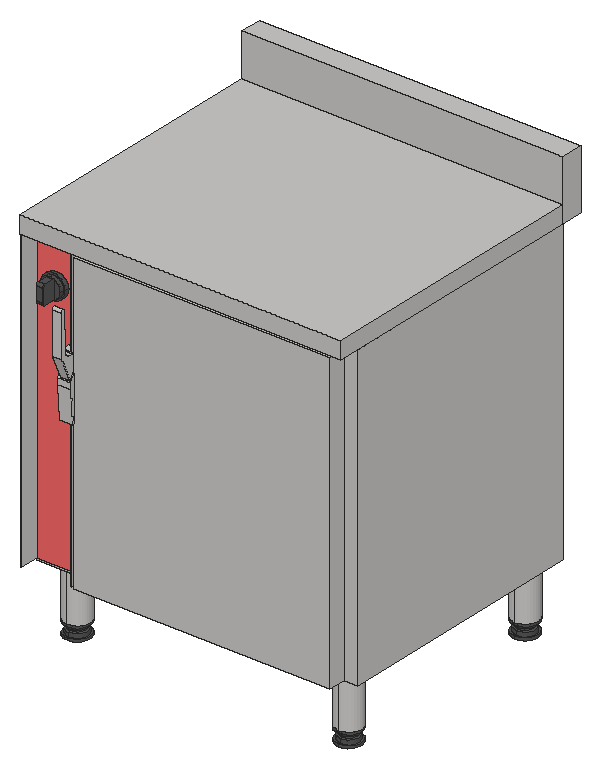
Revit family "ADB Warming cabinet CES 708 CT", category Equipement spécialisé, Revit 2022
Family settings
  Cote de connecteur circulaire = Utiliser le diamètre
  Type d'élément = Normal
  Basée sur le plan de construction = Non
  Toujours verticalement = Oui
  Couper avec des vides une fois chargée = Non
  Conserver l'orientation des annotations = Non
  Partagée = Non
  Repère de localisation dans la pièce = Non
Parameters (values of type "CES 708 CT")
  URL Cutsheet = ""
  URL = ""
  Electric Connection Type = "Bornier 40A"  # constant formula
  Item Number = ""
  Volts = 230 V  # constant formula
  Specification by Manufacturer = ""
  Electrical Remarks = "230V(MONO) commutable 400V(TRI)"  # constant formula
  Electric power = 3500 W
  Depth = 733 mm
  Door hinges inversion option [instance] = no
  Weight = 80.00 kg
  Phase = 1  # constant formula
  Number of Poles = Phase  # 1
  Modèle = "CSE 708 CT"
  Length = 750 mm
  Operational Current = 15.22 A
  Height = 1000 mm
  G = 660 mm
  Cycle = 50 Hz  # constant formula
  Fabricant = "Société Industrielle  de Lacanche"  # constant formula
  Encombrement Porte inversée [instance] = and(Clearences, Door hinges inversion option)  # no
  Encombrement Porte standard [instance] = and(Clearences, not(Door hinges inversion option))  # yes
  Décalage poignée [instance] = if(Door hinges inversion option, Length - 97 mm, 127 mm)  # 127 mm
  Décalage commandes [instance] = if(Door hinges inversion option, Length - 69.2 mm, 48.5 mm)  # 48.5 mm
  Décalage Bouton [instance] = if(Door hinges inversion option, Length - 47 mm, 47 mm)  # 47 mm
  Description = "Warming cabinet for CFE708CT oven"
  Décalage porte [instance] = if(Door hinges inversion option, 25 mm, 127 mm)  # 127 mm
  Elévation par défaut = 0 mm
  Connectors [instance] = yes
  Commentaires du type = "Ambassade range - Convection ovens"
  F = 265 mm
  Clearences [instance] = yes
Reference planes
  plane 1 "Centre (avant/arrière)": y = 0
  plane 2: z = 0
  plane 3 "Centre (gauche/droite)": x = 0
  plane 4 "Gauche": x = -375
  plane 5 "Arrière": y = 381
  plane 6 "Droite": x = 375
  plane 7 "Avant": y = -319
  plane 8 "dessous meuble": z = 155
  plane 9: z = 1000
  plane 10: z = 960
  plane 11 "Face": y = -274
  plane 12 "porte gauche": x = -248
  plane 13 "Poignée": x = -248
  plane 14 "G": x = -285
  plane 15: y = 260
  plane 16: y = -868.3
  plane 17: z = 854.5
  plane 18: y = -270.3
  plane 19 "Commandes": x = -326.5
  plane 20: y = -352
  plane 21 "F": z = 265
  plane 22: y = -320.5
  plane 23: y = -280.5
  plane 24: z = 161.5
  plane 25: x = 350
  plane 26 "Dessus de plan": z = 900
  plane 27 "dessous plan": z = 860
  plane 28: y = 330.028
  plane 29: x = -257.3
  plane 30: x = -258.8
  plane 31 "Bouton": x = -328
Forms (mm)
  Extrusion 1, solid, material "ADB_Stainless Steel-Polished", detail levels medium+fine
    sketch origin (-248, 3.7, 0) x (0, 0, 1) y (0, -1, 0)
      loop
        line (161.5, 324.2) -> (161.5, 284.2) -> (854.5, 284.2) -> (854.5, 324.2) -> (161.5, 324.2)
    from 0 to 598
  Extrusion 2, solid, material "ADB_Stainless Steel-Polished", detail levels medium+fine
    sketch origin (-375, 0, -100) x (0, 1, 0) y (0, 0, 1)
      loop
        line (330.028, 1000) -> (-319, 1000) -> (-319, 960) -> (330.028, 960) -> (330.028, 1000)
    from 0 to 750
  Extrusion 3, solid, material "ADB_Stainless Steel-Polished", detail levels medium+fine
    sketch origin (-375, 0, 0) x (0, 1, 0) y (0, 0, 1)
      loop
        line (330.028, 860) -> (-270.3, 860) -> (-270.3, 155) -> (330.028, 155) -> (330.028, 860)
    from 0 to 750
  Extrusion 4, solid, material "ADB_Stainless Steel-Polished", detail levels medium+fine
    sketch origin (-248, 1352.585, 1070.354) x (0, 1, 0) y (0, 0, -1)
      loop
        line (-1682.584, 487.771) -> (-1682.584, 472.771) -> (-1669.084, 448.962) -> (-1669.084, 418.962) -> (-1651.571, 417.794) -> (-1641.585, 417.271) -> (-1641.585, 567.771) -> (-1651.571, 567.248) -> (-1677.585, 562.771) -> (-1682.584, 487.771)
    from 0 to 30
  Extrusion 5, solid, material "ADB_Stainless Steel-Polished", detail levels medium+fine
    sketch origin (-248, 1359.056, 1614.771) x (0, 1, 0) y (0, 0, -1)
      loop
        line (-1702.14, 942.366) -> (-1701.409, 949.218)
        arc (-1701.409, 949.218) -> (-1697.298, 959.02) -> (-1687.725, 963.638) r 15
        line (-1687.725, 963.638) -> (-1675.556, 964.702) -> (-1675.556, 993.462) -> (-1687.585, 1014.677) -> (-1711.056, 962.216) -> (-1711.056, 863.854)
        arc (-1711.056, 863.854) -> (-1709.227, 859.949) -> (-1705.056, 858.854) r 5.083
        line (-1705.056, 858.854) -> (-1702.14, 942.366)
    from 4.5 to 25.5
  Extrusion 6, solid, material "ADB_Network_Electricity_Yellow", visible <- "Connectors", detail levels medium+fine
    sketch origin (0, 381, 0) x (-1, 0, 0) y (0, 0, 1)
      loop
        circle (285, 265) r 10
    from 0 to 10
  Extrusion 7, solid, detail levels coarse
    sketch origin (0, 0, 155) x (-1, 0, 0) y (0, -1, 0)
      loop
        line (375, -381) -> (375, 352) -> (-375, 352) -> (-375, -381) -> (375, -381)
    from -155 to 845
  Revolve 8, solid, material "ADB_Stainless Steel-Polished", detail levels medium+fine
    sketch origin (-317.47, 5.23, 0) x (0, 1, 0) y (0, 0, 1)
      loop
        line (-258.968, 155) -> (-258.968, 34) -> (-258.968, 28.148) -> (-252.82, 22) -> (-248.857, 22) -> (-248.857, 16.488) -> (-253.001, 13.586) -> (-253.001, 5) -> (-258.492, 5) -> (-258.492, 0) -> (-229, 0) -> (-229, 155) -> (-258.968, 155)
      axis (-229, 0) -> (-229, 155)
    angle from 0 to 360
  Revolve 9, solid, material "ADB_Stainless Steel-Polished", detail levels medium+fine
    sketch origin (317.47, 5.23, 0) x (0, 1, 0) y (0, 0, -1)
      loop
        line (-258.968, -155) -> (-229, -155) -> (-229, 0) -> (-258.492, 0) -> (-258.492, -5) -> (-253.001, -5) -> (-253.001, -13.586) -> (-248.857, -16.488) -> (-248.857, -22) -> (-252.82, -22) -> (-258.968, -28.148) -> (-258.968, -34) -> (-258.968, -155)
      axis (-229, 0) -> (-229, -155)
    angle from 0 to 360
  Revolve 10, solid, material "ADB_Stainless Steel-Polished", detail levels medium+fine
    sketch origin (-317.47, 6.23, 0) x (0, -1, 0) y (0, 0, -1)
      loop
        line (-314.968, -155) -> (-285, -155) -> (-285, 0) -> (-314.492, 0) -> (-314.492, -5) -> (-309.001, -5) -> (-309.001, -13.586) -> (-304.857, -16.488) -> (-304.857, -22) -> (-308.82, -22) -> (-314.968, -28.148) -> (-314.968, -34) -> (-314.968, -155)
      axis (-285, 0) -> (-285, -155)
    angle from 0 to 360
  Revolve 11, solid, material "ADB_Stainless Steel-Polished", detail levels medium+fine
    sketch origin (317.47, 6.23, 0) x (0, -1, 0) y (0, 0, 1)
      loop
        line (-314.968, 155) -> (-314.968, 34) -> (-314.968, 28.148) -> (-308.82, 22) -> (-304.857, 22) -> (-304.857, 16.488) -> (-309.001, 13.586) -> (-309.001, 5) -> (-314.492, 5) -> (-314.492, 0) -> (-285, 0) -> (-285, 155) -> (-314.968, 155)
      axis (-285, 0) -> (-285, 155)
    angle from 0 to 360
  Extrusion 12, solid, material "ADB_Stainless Steel-Polished", detail levels medium+fine
    sketch origin (-1, -20.8, 293.939) x (-1, 0, 0) y (0, -1, 0)
      loop
        line (374, 249.5) -> (374, 295.3) -> (372, 295.3) -> (372, 252) -> (257.8, 252) -> (257.8, 295.3) -> (256.3, 295.3) -> (256.3, 249.5) -> (374, 249.5)
    from -132.439 to 566.061
  Extrusion 13, solid, material "ADB_Stainless Steel-Polished", detail levels medium+fine
    sketch origin (375, 0, 0) x (0, 1, 0) y (0, 0, -1)
      loop
        line (330.028, -1000) -> (381, -1000) -> (381, -860) -> (330.028, -860) -> (330.028, -1000)
    from 0 to 750
Lines and regions (mm)
  symbolic lines, style "SpecialityEquipmentHiddenLines", visible <- "Encombrement Porte standard"
    curve 1: line (350, -270.3, 155) -> (350, -868.3, 155)
    curve 2: arc (-248, -270.3, 155) -> (-72.85, -693.15, 155) -> (350, -868.3, 155) r 598
  symbolic lines, style "SpecialityEquipmentHiddenLines", visible <- "Encombrement Porte inversée"
    curve 3: line (-248, -270.3, 155) -> (-248, -868.3, 155)
    curve 4: arc (350, -270.3, 155) -> (174.85, -693.15, 155) -> (-248, -868.3, 155) r 598
Dimensions and locks
  plane 7 "Avant" to plane 1 "Centre (avant/arrière)" to plane 5 "Arrière" = 319 mm, 381 mm
  equal spacing: plane 4 "Gauche", plane 3 "Centre (gauche/droite)", plane 6 "Droite"
  locked: plane 8 "dessous meuble" to plane 2 at 155
  locked: plane 9 to plane 10 at 40
  locked: plane 7 "Avant" to plane 11 "Face" at 45
  "Décalage poignée": plane 13 "Poignée" to plane 4 "Gauche"
  "Length": plane 4 "Gauche" to plane 6 "Droite"
  plane 5 "Arrière" to plane 7 "Avant" = 700 mm
  "G": plane 14 "G" to plane 6 "Droite"
  "Height": plane 9 to plane 2
  Extrusion 12 sketch curve to Extrusion 12 sketch curve to plane 19 "Commandes" to Extrusion 12 sketch curve to Extrusion 12 sketch curve = 2 mm locked, 46.5 mm locked, 67.7 mm, 1.5 mm
  "Décalage porte": plane 12 "porte gauche" to plane 4 "Gauche"
  "Décalage commandes": plane 4 "Gauche" to plane 19 "Commandes"
  "Depth": plane 5 "Arrière" to plane 20
  plane 18 to plane 16 = 598 mm
  "F": plane 21 "F" to plane 2
  plane 19 "Commandes" to plane 14 "G" = 41.5 mm
  "Décalage Bouton": plane 4 "Gauche" to plane 31 "Bouton"
  aligned and locked: level to plane 2
  aligned and locked: plane 14 "G" to Extrusion 6 sketch curve
  aligned and locked: plane 4 "Gauche" to Extrusion 7 sketch curve
  aligned and locked: Extrusion 7 sketch curve to plane 5 "Arrière"
  aligned and locked: plane 6 "Droite" to Extrusion 7 sketch curve
  aligned and locked: Extrusion 7 to Extrusion 5
  aligned and locked: Extrusion 7 to level
  aligned and locked: Extrusion 2 to plane 6 "Droite"
  aligned and locked: Extrusion 3 to plane 6 "Droite"
  aligned and locked: plane 21 "F" to Extrusion 6 sketch curve
  aligned and locked: plane 9 to Extrusion 7
  aligned and locked: plane 9 to Extrusion 13 sketch curve
  aligned and locked: Extrusion 13 sketch curve to plane 28
  aligned and locked: Extrusion 13 sketch curve to plane 27 "dessous plan"
  aligned and locked: plane 5 "Arrière" to Extrusion 13 sketch curve
  aligned and locked: Extrusion 13 to plane 4 "Gauche"
  aligned and locked: Extrusion 13 to plane 6 "Droite"
  aligned and locked: Extrusion 13 to Extrusion 2  (x2)
  aligned and locked: plane 27 "dessous plan" to Extrusion 12
  aligned and locked: plane 31 "Bouton" to nested 1
Automatic sketch dimensions
  plane 8 "dessous meuble" to Extrusion 1 sketch curve = 6.5 mm
  Extrusion 1 sketch curve to plane 7 "Avant" = 1.5 mm
  Extrusion 1 sketch curve to plane 11 "Face" = 6.5 mm
  Extrusion 4 sketch curve to plane 7 "Avant" = 11 mm
  Extrusion 4 sketch curve to plane 7 "Avant" = 6 mm
  plane 7 "Avant" to Extrusion 4 sketch curve = 2.5 mm
  plane 7 "Avant" to Extrusion 4 sketch curve = 20.014 mm  (x2)
  Extrusion 4 sketch curve to Extrusion 4 sketch curve = 9.986 mm
  Extrusion 4 sketch curve to Extrusion 4 sketch curve = 0.523 mm  (x2)
  Extrusion 4 sketch curve to Extrusion 4 sketch curve = 1.168 mm
  Extrusion 4 sketch curve to Extrusion 4 sketch curve = 30 mm
  Extrusion 4 sketch curve to Extrusion 4 sketch curve = 23.809 mm
  Extrusion 4 sketch curve to Extrusion 4 sketch curve = 15 mm
  Extrusion 4 sketch curve to Extrusion 4 sketch curve = 75 mm
  Extrusion 4 sketch curve to Extrusion 4 sketch curve = 4.477 mm
  plane 11 "Face" to Extrusion 12 sketch curve = 3.7 mm
  Extrusion 12 sketch curve to Extrusion 12 sketch curve = 2.5 mm
  Extrusion 12 sketch curve to plane 11 "Face" = 42.1 mm  (x2)
  Extrusion 2 sketch curve to plane 7 "Avant" = 0 mm
  Extrusion 2 sketch curve to plane 5 "Arrière" = 50.972 mm
  Extrusion 2 sketch curve to plane 10 = 100 mm
  Extrusion 2 sketch curve to plane 9 = 100 mm
  Extrusion 3 sketch curve to plane 10 = 100 mm
  Extrusion 3 sketch curve to plane 18 = 0 mm
  Extrusion 3 sketch curve to plane 5 "Arrière" = 50.972 mm
  Extrusion 3 sketch curve to plane 8 "dessous meuble" = 0 mm
  curve 1 to plane 16 = 0 mm
  curve 2 to plane 18 = 0 mm
  curve 4 to plane 18 = 0 mm
  curve 3 to plane 12 "porte gauche" = 0 mm
  curve 2 to plane 12 "porte gauche" = 0 mm
  curve 4 to plane 16 = 0 mm
  Extrusion 7 sketch curve to plane 20 = 0 mm
  Revolve 8 sketch curve to plane 8 "dessous meuble" = 0 mm
  Revolve 8 sketch curve to level = 0 mm
  plane 18 to Revolve 8 sketch curve = 16.562 mm
  plane 18 to Revolve 8 sketch curve = 17.038 mm
  level to Revolve 8 sketch curve = 13.586 mm
  Revolve 8 sketch curve to Revolve 8 sketch curve = 5.491 mm
  Revolve 8 sketch curve to Revolve 8 sketch curve = 0.181 mm
  Revolve 8 sketch curve to Revolve 8 sketch curve = 3.964 mm
  Revolve 8 sketch curve to Revolve 8 sketch curve = 24.001 mm
  level to Revolve 8 sketch curve = 5 mm
  Revolve 8 sketch curve to Revolve 8 sketch curve = 2.902 mm
  Revolve 8 sketch curve to Revolve 8 sketch curve = 5.512 mm
  Revolve 8 sketch curve to Revolve 8 sketch curve = 6.148 mm
  Revolve 8 sketch curve to Revolve 8 sketch curve = 5.852 mm
  Revolve 8 sketch curve to Revolve 8 sketch curve = 0 mm
  Revolve 8 sketch curve to Revolve 8 sketch curve = 12 mm
  Revolve 8 sketch curve to Revolve 8 sketch curve = 19 mm
  Revolve 9 sketch curve to plane 8 "dessous meuble" = 0 mm
  Revolve 9 sketch curve to level = 0 mm
  plane 18 to Revolve 9 sketch curve = 16.562 mm
  plane 18 to Revolve 9 sketch curve = 17.038 mm
  level to Revolve 9 sketch curve = 13.586 mm
  Revolve 9 sketch curve to Revolve 9 sketch curve = 5.491 mm
  Revolve 9 sketch curve to Revolve 9 sketch curve = 0.181 mm
  Revolve 9 sketch curve to Revolve 9 sketch curve = 3.964 mm
  Revolve 9 sketch curve to Revolve 9 sketch curve = 24.001 mm
  Revolve 9 sketch curve to Revolve 9 sketch curve = 20.414 mm
  Revolve 9 sketch curve to Revolve 9 sketch curve = 5.852 mm
  Revolve 9 sketch curve to Revolve 9 sketch curve = 8.414 mm
  Revolve 9 sketch curve to Revolve 9 sketch curve = 2.902 mm
  level to Revolve 9 sketch curve = 5 mm
  Revolve 9 sketch curve to Revolve 9 sketch curve = 0 mm
  Revolve 9 sketch curve to Revolve 9 sketch curve = 19 mm
  Revolve 9 sketch curve to Revolve 9 sketch curve = 12 mm
  Revolve 10 sketch curve to plane 8 "dessous meuble" = 0 mm
  Revolve 10 sketch curve to level = 0 mm
  Revolve 10 sketch curve to plane 5 "Arrière" = 59.802 mm
  Revolve 10 sketch curve to plane 5 "Arrière" = 60.278 mm
  Revolve 10 sketch curve to Revolve 10 sketch curve = 5.491 mm
  Revolve 10 sketch curve to Revolve 10 sketch curve = 0.181 mm
  Revolve 10 sketch curve to Revolve 10 sketch curve = 3.964 mm
  Revolve 10 sketch curve to Revolve 10 sketch curve = 24.001 mm
  level to Revolve 10 sketch curve = 34 mm
  Revolve 10 sketch curve to Revolve 10 sketch curve = 5.852 mm
  Revolve 10 sketch curve to Revolve 10 sketch curve = 6.148 mm
  Revolve 10 sketch curve to Revolve 10 sketch curve = 5.512 mm
  Revolve 10 sketch curve to Revolve 10 sketch curve = 2.902 mm
  level to Revolve 10 sketch curve = 5 mm
  Revolve 10 sketch curve to Revolve 10 sketch curve = 0 mm
  Revolve 10 sketch curve to Revolve 10 sketch curve = 19 mm
  Revolve 10 sketch curve to Revolve 10 sketch curve = 12 mm
  Revolve 11 sketch curve to plane 8 "dessous meuble" = 0 mm
  Revolve 11 sketch curve to level = 0 mm
  Revolve 11 sketch curve to plane 5 "Arrière" = 59.802 mm
  Revolve 11 sketch curve to plane 5 "Arrière" = 60.278 mm
  Revolve 11 sketch curve to Revolve 11 sketch curve = 5.491 mm
  Revolve 11 sketch curve to Revolve 11 sketch curve = 0.181 mm
  Revolve 11 sketch curve to Revolve 11 sketch curve = 3.964 mm
  Revolve 11 sketch curve to Revolve 11 sketch curve = 24.001 mm
  level to Revolve 11 sketch curve = 5 mm
  Revolve 11 sketch curve to Revolve 11 sketch curve = 8.586 mm
  Revolve 11 sketch curve to Revolve 11 sketch curve = 2.902 mm
  Revolve 11 sketch curve to Revolve 11 sketch curve = 5.512 mm
  Revolve 11 sketch curve to Revolve 11 sketch curve = 6.148 mm
  Revolve 11 sketch curve to Revolve 11 sketch curve = 5.852 mm
  Revolve 11 sketch curve to Revolve 11 sketch curve = 0 mm
  Revolve 11 sketch curve to Revolve 11 sketch curve = 12 mm
  Revolve 11 sketch curve to Revolve 11 sketch curve = 19 mm
  Extrusion 1 sketch curve to plane 17 = 0 mm
  Extrusion 4 sketch curve to plane 17 = 201.417 mm
  Extrusion 5 sketch curve to plane 20 = 0 mm
  plane 20 to Extrusion 5 sketch curve = 5.083 mm
  Extrusion 5 sketch curve to Extrusion 5 sketch curve = 0.917 mm
  Extrusion 5 sketch curve to plane 22 = 8.169 mm
  Extrusion 5 sketch curve to plane 22 = 6.861 mm
  Extrusion 5 sketch curve to plane 22 = 8.029 mm
  plane 7 "Avant" to Extrusion 5 sketch curve = 2.5 mm
  Extrusion 5 sketch curve to plane 21 "F" = 490.917 mm
  Extrusion 5 sketch curve to Extrusion 5 sketch curve = 19.85 mm
  Extrusion 5 sketch curve to Extrusion 5 sketch curve = 21.215 mm
  Extrusion 5 sketch curve to Extrusion 5 sketch curve = 6.852 mm
  Extrusion 5 sketch curve to Extrusion 5 sketch curve = 78.512 mm
  Extrusion 5 sketch curve to Extrusion 5 sketch curve = 6.328 mm
  plane 20 to Extrusion 5 sketch curve = 8.916 mm
  Extrusion 5 sketch curve to Extrusion 5 sketch curve = 0.732 mm
  Extrusion 5 sketch curve to Extrusion 5 sketch curve = 1.065 mm
  Extrusion 5 sketch curve to Extrusion 5 sketch curve = 28.76 mm
  radius of Extrusion 6 sketch curve = 10 mm
Nested families
  nested 1: "Bouton" at (-328, -270.3, 750) x (1, 0, 0) z (0, -1, 0), type "Bouton", detail levels fine
Connectors
  electrical at (-285, 391, 265), driven by "Volts", driven by "Electric power"
    settings: on Extrusion 6, index 1, voltage 230 V, apparent load 0 VA, apparent load phase1 3500 VA, apparent load phase2 0 VA, apparent load phase3 0 VA, power factor 1, load classification "Autre", number of poles 1, system type 30, power factor state 1, is connector primary yes, connector utility no, sub classification motor no, connector description ""
Definition of nested family "Bouton"
  Parameters (values of type "Bouton")
    Matériau base bouton = none
    Default Elevation = 1219.2 mm
  Reference planes
    plane 1 "Centre (avant/arrière)": y = 0
    plane 2: z = 0
    plane 3 "Centre (gauche/droite)": x = 0
  Forms (mm)
    Extrusion 1, solid
      sketch origin (0, 0, 0) x (1, 0, 0) y (0, 1, 0)
        loop
          line (-1219.2, 1219.2) -> (-1219.2, -1219.2) -> (1219.2, -1219.2) -> (1219.2, 1219.2) -> (-1219.2, 1219.2)
      from 0 to -304.8
    Extrusion 2, solid, material <- "Matériau base bouton", detail levels fine
      sketch origin (0, 0, 0) x (1, 0, 0) y (0, 1, 0)
        loop
          circle (0, 0) r 28.5
      from 0 to 11.5
    Extrusion 3, solid, detail levels fine
      sketch origin (0, 0, 0) x (1, 0, 0) y (0, 1, 0)
        loop
          circle (0, 0) r 24.1
      from 11.5 to 20.5
    Extrusion 4, solid, detail levels fine
      sketch origin (0, 0, 0) x (1, 0, 0) y (0, 0, 1)
        loop
          line (-8.082, 20.5) -> (8.082, 20.5) -> (7.58, 49.253)
          arc (7.58, 49.253) -> (6.684, 51.34) -> (4.581, 52.2) r 3
          line (4.581, 52.2) -> (-4.581, 52.2)
          arc (-4.581, 52.2) -> (-6.684, 51.34) -> (-7.58, 49.253) r 3
          line (-7.58, 49.253) -> (-8.082, 20.5)
      from -22.082 to 22.162
    Extrusion 5, void
      sketch origin (0, 0, 0) x (0, 1, 0) y (0, 0, 1)
        loop
          line (-15.762, 50.701) -> (15.682, 50.701)
          arc (15.682, 50.701) -> (20.208, 48.826) -> (22.082, 44.301) r 6.4
          line (22.082, 44.301) -> (22.082, 41.701) -> (24.232, 41.701) -> (24.232, 54.688) -> (-24.768, 54.688) -> (-24.768, 41.701) -> (-22.162, 41.701) -> (-22.162, 44.301)
          arc (-22.162, 44.301) -> (-20.287, 48.826) -> (-15.762, 50.701) r 6.4
      from -15.908 to 13.709
  Cuts and joins
    Extrusion 5 cuts Extrusion 4
  Lines and regions (mm)
    symbolic lines, detail levels fine
      curve 1: line (0, -28.5, 0) -> (0, 28.5, 0)
  Dimensions and locks
    aligned and locked: plane 2 to Extrusion 1
    aligned and locked: level to Extrusion 1
